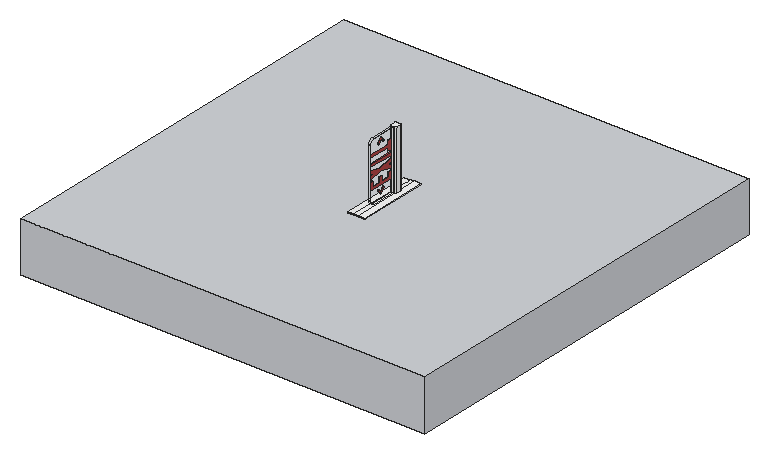
Revit family "LE_E", category Lighting Fixtures, host Face, Revit 2012
Parameters (values of type "LE-W")
  Wattage Comments = "2.2-5 W"
  Wattage = 5 W
  built-in parameter 1150110 = 1 (stored number, unit not read)
  URL = "http://www.dual-lite.com/"
  built-in parameter 1114217 = 1 (stored number, unit not read)
  built-in parameter 1150109 = 1 (stored number, unit not read)
  built-in parameter 1150134 = 3
  built-in parameter 1150113 = 1 (stored number, unit not read)
  Product Page URL = "http://www.dual-lite.com/products/lf_le/"
  Product Documentation Link = "http://www.dual-lite.com/content/products/specs/specs_files/dlt_le_specsht.pdf"
  Mounting = "Wall Mount"  # constant formula
  Model = "LE"  # constant formula
  Manufacturer Phone = "(864)-678-1000"  # constant formula
  Manufacturer Fax = "(864)-678-1415"  # constant formula
  Manufacturer = "Dual-Lite"  # constant formula
  built-in parameter 1150105 = 59.103 (stored number, unit not read)
  Lumens = 742.71 lm
  built-in parameter 1150115 = 1 (stored number, unit not read)
  Light Source Symbol Size = 1/4"
  built-in parameter 1150137 = (empty or 0)
  built-in parameter 1150139 = (empty or 0)
  Lettering = Red
  built-in parameter 1150112 = 1 (stored number, unit not read)
  built-in parameter 1150114 = 1 (stored number, unit not read)
  Lamp = "LED"  # constant formula
  built-in parameter 1150132 = (empty or 0)
  built-in parameter 1150102 = (empty or 0)
  built-in parameter 1150107 = 3200 (stored number, unit not read)
  built-in parameter 1150138 = (empty or 0)
  built-in parameter 1150106 = 0.59103 (stored number, unit not read)
  Glass = Glass
  Family = "Outdoor Emergency Lighting"  # constant formula
  Emit from Line Length = 13"
  built-in parameter 1150104 = 13.8 (stored number, unit not read)
  Dimming Lamp Color Temperature Shift = <None>
  Description = "Recessed Mounting Architectural Edge-Lit LED Exit Signs"  # constant formula
  Default Elevation = 48"
  Color Filter = 16777215
  built-in parameter 1114218 = 1 (stored number, unit not read)
  Backbox = White
  built-in parameter 1150133 = 10 (stored number, unit not read)
Reference planes (in)
  plane 1 "Center (Front/Back)": y = 0.03999
  plane 2: z = 0.06357
  plane 3 "Center (Left/Right)": x = 0
  plane 4: x = -8.375
  plane 5: x = 8.375
  plane 6: z = 7.56357
  plane 7: x = -7
  plane 8: x = 7
  plane 9: z = 0.24169
  plane 10: y = -0.58302
  plane 11: y = -0.58302
  plane 12: x = 0.30306
  plane 13: z = 14.27619
Forms (in)
  Extrusion 1, solid
    sketch origin (0, 0, 0.06357) x (1, 0, 0) y (0, 1, 0)
      loop
        line (-48, 48) -> (-48, -48) -> (48, -48) -> (48, 48) -> (-48, 48)
    from 0 to -12
  Extrusion 2, solid, material "White" <- "Backbox"
    sketch origin (0.41886, 3.48118, 7.27619) x (1, 0, 0) y (0, 1, 0)
      loop
        arc (0.22676, 0.4929) -> (0.16818, 0.63433) -> (0.02676, 0.6929) r 0.2
        line (0.02676, 0.6929) -> (-0.94824, 0.6929)
        arc (-0.94824, 0.6929) -> (-1.08966, 0.63433) -> (-1.14824, 0.4929) r 0.2
        line (-1.14824, 0.4929) -> (-1.14824, -0.6071)
        arc (-1.14824, -0.6071) -> (-1.08966, -0.74852) -> (-0.94824, -0.8071) r 0.2
        line (-0.94824, -0.8071) -> (0.02676, -0.8071)
        arc (0.02676, -0.8071) -> (0.16818, -0.74852) -> (0.22676, -0.6071) r 0.2
        line (0.22676, -0.6071) -> (0.22676, 0.4929)
    from -7.0345 to 7
  Extrusion 3, solid, material "Glass" <- "Glass"
    sketch origin (-0.04188, -4.47791, 7.27619) x (0, 0, -1) y (0, -1, 0)
      loop
        line (-7, -7.152) -> (7, -7.152) -> (7, -1.37754)
        arc (7, -1.37754) -> (6.67609, -0.59556) -> (5.89411, -0.27165) r 1.10589
        arc (5.89411, -0.27165) -> (0, -0.04018) -> (-5.89411, -0.27165) r 75.15963
        arc (-5.89411, -0.27165) -> (-6.67609, -0.59556) -> (-7, -1.37754) r 1.10589
        line (-7, -1.37754) -> (-7, -7.152)
    from 0.25 to -0.25
  Extrusion 4, solid, material "Red" <- "Lettering"
    sketch origin (-0.06692, -5.63117, 7.30058) x (0, 0, -1) y (0, -1, 0)
      loop
        line (3.5363, -7.32353) -> (2.35428, -7.32353) -> (2.35428, -7.82353) -> (4.0363, -7.82353) -> (4.0363, -4.92704) -> (4.0363, -2.03056) -> (2.35428, -2.03056) -> (2.35428, -2.53056) -> (3.5363, -2.53056) -> (3.5363, -4.61247) -> (2.35428, -4.61247) -> (2.35428, -4.92704) -> (2.35428, -5.24161) -> (3.5363, -5.24161) -> (3.5363, -7.32353)
      loop
        line (1.75358, -7.82243) -> (1.08513, -4.92704) -> (1.75358, -2.03165) -> (1.09829, -2.03165) -> (0.81025, -2.82304) -> (0.52221, -2.03165) -> (-0.13308, -2.03165) -> (0.53537, -4.92704) -> (-0.13308, -7.82243) -> (0.52221, -7.82243) -> (0.81025, -7.03104) -> (1.09829, -7.82243) -> (1.75358, -7.82243)
      loop
        line (-0.89572, -7.82353) -> (-0.89572, -2.03165) -> (-1.49555, -2.03165) -> (-1.49555, -7.82353) -> (-0.89572, -7.82353)
      loop
        line (-2.87478, -7.16714) -> (-2.87478, -2.03056) -> (-3.47461, -2.03056) -> (-3.47461, -7.16714) -> (-4.34338, -7.16714) -> (-4.34338, -7.82243) -> (-2.09338, -7.82243) -> (-2.09338, -7.16714) -> (-2.87478, -7.16714)
    from 0.36997 to 0.22497
  Extrusion 5, solid, material "Red"
    sketch origin (0.01307, 2.44067, 7.50242) x (0, 0, -1) y (0, -1, 0)
      loop
        line (-4.97072, 3.79907) -> (-5.7461, 3.02369) -> (-4.97072, 2.24831) -> (-4.58478, 2.24831) -> (-5.36016, 3.02369) -> (-4.58478, 3.79907) -> (-4.97072, 3.79907)
      loop
        line (5.42318, 3.79907) -> (5.03724, 3.79907) -> (5.81262, 3.02369) -> (5.03724, 2.24831) -> (5.42318, 2.24831) -> (6.19856, 3.02369) -> (5.42318, 3.79907)
    from 0.44996 to 0.30495
  Extrusion 6, solid, material "White" <- "Backbox"
    sketch origin (-0.03999, 0.03999, 7.62714) x (1, 0, 0) y (0, 0, 1)
      loop
        line (2.03999, -7.56357) -> (2.03999, -7.47461)
        arc (2.03999, -7.47461) -> (1.29749, -7.42897) -> (0.55618, -7.36686) r 33.54002
        arc (0.55618, -7.36686) -> (0.02184, -7.35387) -> (-0.51242, -7.37006) r 9.79246
        arc (-0.51242, -7.37006) -> (-1.23565, -7.43011) -> (-1.96001, -7.47449) r 33.54002
        line (-1.96001, -7.47449) -> (-1.96001, -7.56357) -> (2.03999, -7.56357)
    from -8.375 to 8.375
Dimensions and locks (in)
  locked: plane 4 to plane 3 "Center (Left/Right)" at 8.375
  locked: plane 5 to plane 3 "Center (Left/Right)" at 8.375
  locked: plane 6 to level at 7.5
  plane 4 to plane 7 to plane 3 "Center (Left/Right)" = 1 3/8", 7"
  plane 5 to plane 8 to plane 3 "Center (Left/Right)" = 1 3/8", 7"
  locked: level to Extrusion 2 at 14.21263
  locked: Extrusion 2 to plane 1 "Center (Front/Back)" at 2.63409
  locked: plane 1 "Center (Front/Back)" to Extrusion 3 at 2.63409
  locked: level to Extrusion 4 at 3.70071
  locked: plane 1 "Center (Front/Back)" to Extrusion 5 at 1.39839
  locked: Extrusion 3 to level at 0.21263
  aligned and locked: plane 2 to Extrusion 1
  aligned and locked: Extrusion 4 sketch curve to Extrusion 4 sketch curve
  aligned and locked: Extrusion 5 sketch curve to plane 10  (x4)
  aligned and locked: plane 11 to Extrusion 5 sketch curve  (x4)
  aligned and locked: Extrusion 6 to level  (x2)
  aligned and locked: level to plane 2
  aligned and locked: imposter light to Extrusion 2
  aligned and locked: Extrusion 3 to Extrusion 2
  aligned and locked: Extrusion 5 to Extrusion 3  (x2)
  aligned and locked: Extrusion 5 to Extrusion 4
  aligned and locked: Extrusion 4 to Extrusion 3
  aligned and locked: Extrusion 2 to plane 9
  aligned and locked: plane 13 to Extrusion 2
  aligned and locked: Extrusion 3 to imposter light
Connectors (in)
  electrical at (0, 0, 0.06357), driven by "Description"
    settings: index 1, voltage 0 V, apparent load 0 VA, apparent load phase1 0 VA, apparent load phase2 0 VA, apparent load phase3 0 VA, power factor 1, load classification "Other", number of poles 1, system type 30, power factor state 1, is connector primary yes, connector utility no, sub classification motor no, connector description "Recessed Mounting Architectural Edge-Lit LED Exit Signs"
